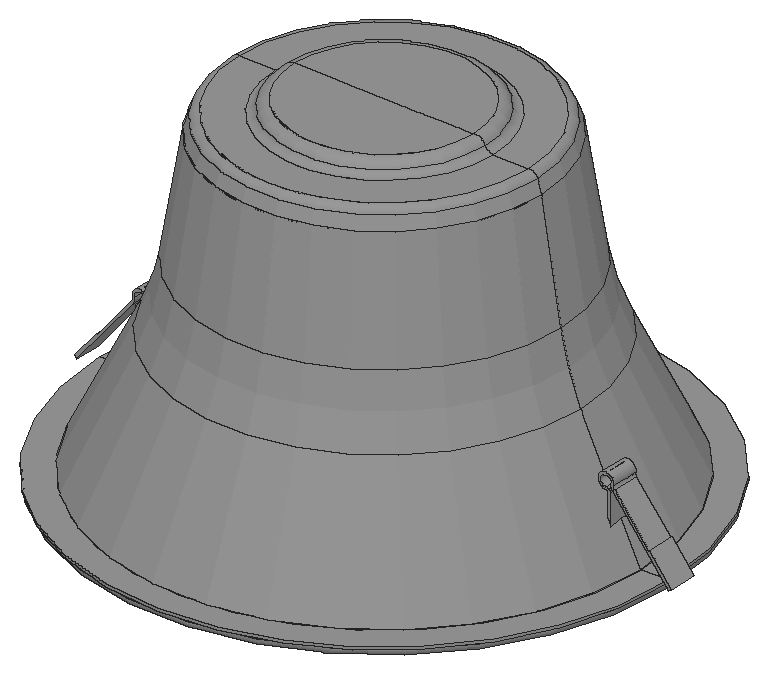
Revit family "63_UN_Downlighter_Thunder Series 14-28W D232_Natec", category Lighting Fixtures, Revit 2019
Family settings
  Round Connector Dimension = Use Diameter
  Part Type = Normal
  OmniClass Number = 23.80.70.11.14.11
  OmniClass Title = Downlights
  Work Plane-Based = No
  Always vertical = Yes
  Cut with Voids When Loaded = Yes
  Light Source = Yes
  Shared = No
  Room Calculation Point = Yes
Parameters (values of type "Thunder 28W 3000K (Tri-white) 110lmw")
  Wattage Comments = "28W"
  Wattage = 22.2967 W
  built-in parameter 1150110 = 1 (stored number, unit not read)
  Voltage = 230 V
  URL = "https://nateclighting.nl/"
  Type Comments = "Thunder series D232"
  built-in parameter 1114217 = 1 (stored number, unit not read)
  Tilt Angle = 90.00°
  built-in parameter 1150109 = 1 (stored number, unit not read)
  built-in parameter 1150134 = (empty or 0)
  Symbol_ToScale [instance] = not(Symbol_RealSize)  # no
  Symbol_RealSize [instance] = yes
  Switch Code [instance] = ""
  built-in parameter 1150113 = 1 (stored number, unit not read)
  Photometric Web File = "Thunder 28W 3000K (Tri-white) 110lmw.IES"
  Model = "Downlighter"
  Manufacturer = "Natec Lighting"
  built-in parameter 1150105 = 3242.6 (stored number, unit not read)
  Luminous Flux (lm) = 3312 lm
  Lumens = 3312 lm
  built-in parameter 1150115 = 1 (stored number, unit not read)
  Luminaire Code [instance] = ""
  built-in parameter 1150137 = (empty or 0)
  built-in parameter 1150139 = (empty or 0)
  built-in parameter 1150112 = 1 (stored number, unit not read)
  built-in parameter 1150114 = 1 (stored number, unit not read)
  Lamp = "LED"
  built-in parameter 1150132 = 2
  built-in parameter 1150102 = (empty or 0)
  built-in parameter 1150107 = 3000 (stored number, unit not read)
  built-in parameter 1150138 = (empty or 0)
  built-in parameter 1150106 = 32.426 (stored number, unit not read)
  IfcExportType = "USERDEFINED"
  IfcExportAs = "IfcLightFixtureType"
  Housing_Material = Laminate, White
  built-in parameter 1150104 = 13.8 (stored number, unit not read)
  Dimming Lamp Color Temperature Shift = <None>
  Description = ""
  Content Creator® = "www.ivlibrary.com"
  Color Filter = 16777215
  built-in parameter 1114218 = 1 (stored number, unit not read)
  built-in parameter 1150133 = 10 (stored number, unit not read)
  Assembly Code = "63.0"
  Apparent Load = 28 VA
Types (5, lengths in mm): name | Wattage Comments | Wattage | built-in parameter 1150134 | Photometric Web File | built-in parameter 1150105 | Luminous Flux (lm) | Lumens | built-in parameter 1150107 | built-in parameter 1150106 | Apparent Load
  (no name) | "28W" | 22.2967 W | (empty or 0) | "Thunder 28W 3000K (Tri-white) 110lmw.IES" | 3242.6 (stored number, unit not read) | 3312 lm | 3312 lm | 3000 (stored number, unit not read) | 32.426 (stored number, unit not read) | 28 VA
  Thunder 14W 3000K (Tri-white) 110lmw | "14W" | 22.2967 W | (empty or 0) | "Thunder 14W 3000K (Tri-white) 110lmw.IES" | 3242.6 (stored number, unit not read) | 3312 lm | 3312 lm | 3000 (stored number, unit not read) | 32.426 (stored number, unit not read) | 14 VA
  Thunder 28W 3000K (Tri-white) 110lmw | "28W" | 22.2967 W | (empty or 0) | "Thunder 28W 3000K (Tri-white) 110lmw.IES" | 3242.6 (stored number, unit not read) | 3312 lm | 3312 lm | 3000 (stored number, unit not read) | 32.426 (stored number, unit not read) | 28 VA
  Thunder 28W 4000K (Tri-white) 110lmw | "28W" | 21.334 W | 12 | "Thunder 28W 4000K (Tri-white) 110lmw.IES" | 3102.6 (stored number, unit not read) | 3169 lm | 3169 lm | 4000 (stored number, unit not read) | 31.026 (stored number, unit not read) | 28 VA
  Thunder 28W 5700K (Tri-white) 110lmw | "28W" | 22.8757 W | (empty or 0) | "Thunder 28W 5700K (Tri-white) 110lmw.IES" | 3313.3 (stored number, unit not read) | 3398 lm | 3398 lm | 5700 (stored number, unit not read) | 33.133 (stored number, unit not read) | 28 VA
Reference planes
  plane 1 "Center (Front/Back)": y = 0
  plane 2: z = 0
  plane 3 "Center (Left/Right)": x = 0
Forms (mm)
  Revolve 1, solid, material "Laminate, White" <- "Housing_Material"
    sketch origin (0, 0, 0) x (1, 0, 0) y (0, 0, 1)
      loop
        line (-104.535, 0) -> (-104.535, -2.719) -> (-102.546, -2.719)
        arc (-102.546, -2.719) -> (-83.69, 27.61) -> (-50, 39.459) r 53.82
        line (-50, 39.459) -> (0, 39.459) -> (0, 122.5) -> (-64.165, 122.5) -> (-71.733, 76.376)
        arc (-71.733, 76.376) -> (-74.956, 62.939) -> (-80.094, 50.112) r 95
        line (-80.094, 50.112) -> (-104.535, 0)
      axis (0, 122.5) -> (0, -2.719)
    angle from 0 to 360
  Revolve 2, solid, material "Damp-proofing"
    sketch origin (0, 0, 0) x (1, 0, 0) y (0, 0, 1)
      loop
        line (-64.165, 122.5) -> (0, 122.5) -> (0, 135) -> (-36.486, 135)
        arc (-36.486, 135) -> (-39.179, 134.213) -> (-41.024, 132.1) r 5
        arc (-41.024, 132.1) -> (-42.359, 130.57) -> (-44.309, 130) r 3.62
        line (-44.309, 130) -> (-58.801, 130)
        arc (-58.801, 130) -> (-60.929, 129.332) -> (-62.293, 127.568) r 3.722
        line (-62.293, 127.568) -> (-64.165, 122.5)
      axis (0, 135) -> (0, 122.5)
    angle from 0 to 360
  Revolve 3, solid, material "Laminate, White" <- "Housing_Material"
    sketch origin (0, 0, 0) x (1, 0, 0) y (0, 0, 1)
      loop
        line (-104.535, 0) -> (-115.775, 0) -> (-115.775, -1.049)
        arc (-115.775, -1.049) -> (-114.911, -3.136) -> (-112.824, -4) r 2.951
        line (-112.824, -4) -> (-104.535, -4) -> (-104.535, 0)
      axis (0, 0) -> (0, -4)
    angle from 0 to 360
  Sweep 4, solid, material "Laminate, White" <- "Housing_Material"
    path origin (-28.438, 0, 0) x (1, 0, 0) y (0, 0, 1)
      loop
        line (-67.393, 15.204) -> (-67.393, 27.361)
        arc (-67.393, 27.361) -> (-67.166, 27.898) -> (-66.622, 28.108) r 0.747
        arc (-66.622, 28.108) -> (-64.497, 33.702) -> (-69.613, 30.598) r 3.164
        arc (-69.613, 30.598) -> (-69.621, 29.757) -> (-69.992, 29.003) r 1.895
        line (-69.992, 29.003) -> (-92.908, 0.703)
    profile origin (-95.831, 0, 21.283) x (-1, 0, 0) y (0, -1, 0)
      loop
        line (1.008, 5.494) -> (0, 5.494) -> (0, -5.494) -> (1.008, -5.494) -> (1.008, 5.494)
  Extrusion 5, solid, material "Laminate, White" <- "Housing_Material"
    sketch origin (-30.313, 0, 0) x (1, 0, 0) y (0, 0, 1)
      loop
        line (-91.422, 1.018) -> (-90.25, 0.069) -> (-81.284, 11.142) -> (-82.455, 12.09) -> (-91.422, 1.018)
    from -5.494 to 5.494
  Sweep 6, solid, material "Laminate, White" <- "Housing_Material"
    path origin (28.125, 0, 0) x (-1, 0, 0) y (0, 0, 1)
      loop
        line (-67.393, 15.204) -> (-67.393, 27.361)
        arc (-67.393, 27.361) -> (-67.166, 27.898) -> (-66.622, 28.108) r 0.747
        arc (-66.622, 28.108) -> (-64.497, 33.702) -> (-69.613, 30.598) r 3.164
        arc (-69.613, 30.598) -> (-69.621, 29.757) -> (-69.992, 29.003) r 1.895
        line (-69.992, 29.003) -> (-92.908, 0.703)
    profile origin (95.518, 0, 21.283) x (-1, 0, 0) y (0, -1, 0)
      loop
        line (-1.008, 5.494) -> (-1.008, -5.494) -> (0, -5.494) -> (0, 5.494) -> (-1.008, 5.494)
  Extrusion 7, solid, material "Laminate, White" <- "Housing_Material"
    sketch origin (30, 0, 0) x (-1, 0, 0) y (0, 0, -1)
      loop
        line (-91.422, -1.018) -> (-82.455, -12.09) -> (-81.284, -11.142) -> (-90.25, -0.069) -> (-91.422, -1.018)
    from -5.494 to 5.494
Cuts and joins
  joined: Revolve 3, Sweep 4, Extrusion 5, Sweep 6, Extrusion 7
Lines and regions (mm)
  symbolic lines, visible <- "Symbol_RealSize"
    curve 1: circle (0, 0, 0) r 116 normal (0, 0, 1)
Dimensions and locks
  aligned and locked: level to plane 2
Nested families
  nested 1: "Ø232 Symbol_Natec" at (0, 0, 0), visible <- "Symbol_ToScale", type "Ø232 Symbol_Natec"
Connectors
  electrical at (0, 0, 0), driven by "Voltage", driven by "Apparent Load"
    settings: index 1, voltage 230 V, apparent load 0 VA, apparent load phase1 28 VA, apparent load phase2 0 VA, apparent load phase3 0 VA, power factor 1, load classification "Lighting", number of poles 1, system type 31, power factor state 1, is connector primary yes, connector utility no, sub classification motor no, connector description ""
Definition of nested family "Ø232 Symbol_Natec"
  Reference planes
    plane 1: y = 0
    plane 2: x = 0
  Lines and regions (mm)
    detail lines
      curve 1: circle (0, 0, 0) r 1.16 normal (0, 0, 1)
